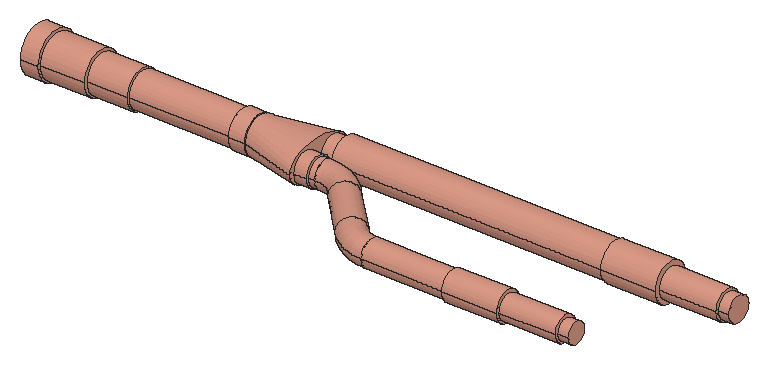
Revit family "outputfile", category 配管付属品, Revit 2024
Family settings
  丸型コネクタ寸法 = 半径を使用
  パーツ タイプ = 標準
  OmniClass 番号 = 23.65.55.00
  OmniClass タイトル = Distribution of Supplied Liquids/Gases
  作業面ベース = いいえ
  常に垂直 = はい
  ロード時にボイドで切り取り = いいえ
  共有 = いいえ
Parameters (values of type "KHRP26A72T")
  Description = ""
  製造元 = "Daikin"
  書き出し IFC クラス(タイプ) = "IfcPipeFittingType"
  定義済み IFC タイプ(タイプ) = "JUNCTION"
  Cost = 0
  Type Comments = ""
  Keynote = ""
  Type Image = (empty or 0)
  Assembly Code = ""
  mm⇔inch [instance] = yes
  l_dividePipe1 [instance] = size_lookup(table_StraightPipe, "l_dividePipe1", 10.0 mm, モデル)  # 10.0 mm
  Default Elevation = 0.0 mm
  モデル = "KHRP26A72T"
  table_StraightPipe [instance] = if(mm⇔inch, "Refnet Joint_KHRP26A-T_Gas_StraightPipe", "Refnet Joint_KHRP26A-T_Gas_StraightPipe_inch")  # "Refnet Joint_KHRP26A-T_Gas_StraightPipe"
  table_BranchPipe [instance] = if(mm⇔inch, "Refnet Joint_KHRP26A-T_Gas_BranchPipe", "Refnet Joint_KHRP26A-T_Gas_BranchPipe_inch")  # "Refnet Joint_KHRP26A-T_Gas_BranchPipe"
  table_Inlet [instance] = if(mm⇔inch, "Refnet Joint_KHRP26A-T_Gas_Inlet", "Refnet Joint_KHRP26A-T_Gas_Inlet_inch")  # "Refnet Joint_KHRP26A-T_Gas_Inlet"
  switch_StraightPipe_Reducer [instance] = if(Is_StraightPipe Reducer = 1, 1 = 1, 1 = 0)  # no
  switch_StraightPipe3 [instance] = if(number_StraightPipe = 3, 1 = 1, 1 = 0)  # yes
  switch_StraightPipe2 [instance] = if(number_StraightPipe < 2, 1 = 0, 1 = 1)  # yes
  switch_BranchPipe_Reducer [instance] = if(Is_BranchPipe Reducer = 1, 1 = 1, 1 = 0)  # no
  switch_BranchPipe3 [instance] = if(number_BranchPipe = 3, 1 = 1, 1 = 0)  # yes
  switch_BranchPipe2 [instance] = if(number_BranchPipe < 2, 1 = 0, 1 = 1)  # yes
  switch_Inlet pipe_Reducer [instance] = if(Is_Inlet Reducer = 1, 1 = 1, 1 = 0)  # no
  switch_Inlet pipe3 [instance] = if(number_InletPipe = 3, 1 = 1, 1 = 0)  # yes
  switch_Inlet pipe2 [instance] = if(number_InletPipe < 2, 1 = 0, 1 = 1)  # yes
  Uniclass2015Version = "Products v1.31"
  Uniclass2015Title = "Copper pipe fittings"
  Uniclass2015Code = "Pr_65_52_63_18"
  URL = ""
  StraightPipe_Gas_ActualDiameter [instance] = 15.9 mm
  Material_Piping = DAIKIN_Copper_Pipe
  Material_Insulation = DAIKIN_White_Insulation
  lw_Insulation [instance] = size_lookup(table_Inlet, "lw_Insulation", 59.8 mm, モデル)  # 55.5 mm
  Unit Type = "KHRP26A-T_Gas"
  Tag No. [instance] = ""
  StraightPipe_Gas_Status [instance] = size_lookup(table_StraightPipe, "Information", "The connected pipe size is not available.", モデル, StraightPipe_Gas_ActualDiameter)  # "Default connector size is used."
  Link_Nested Family [instance] = ""
  Inlet_Gas_Actual Diameter [instance] = 31.8 mm
  IfcVersion = ""
  IfcExportType = "JUNCTION"
  IfcExportAs = "IfcPipeFittingType"
  BranchPipe_Gas_Status [instance] = size_lookup(table_BranchPipe, "Information", "The connected pipe size is not available.", モデル, BranchPipe_Gas_ActualDiameter)  # "Default connector size is used."
  Inlet_Gas_Status [instance] = size_lookup(table_Inlet, "Information", "The connected pipe size is not available.", モデル, Inlet_Gas_Actual Diameter)  # "Default connector size is used."
  Series = "Refnet Joint"
  O.R_dividePipe_Inlet [instance] = (I.D_InletPipe1 + 2.0 mm) / 2  # 13.7 mm
  r_StraightPipe_Connector [instance] = StraightPipe_Gas_ActualDiameter / 2  # 7.95 mm
  r_BranchPipe_Connector [instance] = BranchPipe_Gas_ActualDiameter / 2  # 6.35 mm
  r_Inlet_Connector [instance] = Inlet_Gas_Actual Diameter / 2  # 15.9 mm
  number_StraightPipe [instance] = size_lookup(table_StraightPipe, "pipeNumber", 2, モデル, StraightPipe_Gas_ActualDiameter)  # 3
  number_BranchPipe [instance] = size_lookup(table_BranchPipe, "pipeNumber", 2, モデル, BranchPipe_Gas_ActualDiameter)  # 3
  number_InletPipe [instance] = size_lookup(table_Inlet, "pipeNumber", 3, モデル, Inlet_Gas_Actual Diameter)  # 3
  r_BranchPipeR [instance] = size_lookup(table_BranchPipe, "r_offsetPipeR", 25.0 mm, モデル, BranchPipe_Gas_ActualDiameter)  # 30.0 mm
  l_BranchPipe_Straight2 [instance] = size_lookup(table_BranchPipe, "L_offsetPipe2", 43.0 mm, モデル)  # 60.0 mm
  l_BranchPipe_Straight1 [instance] = size_lookup(table_BranchPipe, "L_offsetPipe1", 5.0 mm, モデル)  # 5.0 mm
  l_BranchPipe connector [instance] = size_lookup(table_BranchPipe, "Length", 170.0 mm, モデル, BranchPipe_Gas_ActualDiameter)  # 243.0 mm
  l_inlet connector [instance] = size_lookup(table_Inlet, "Length", 130.0 mm, モデル, Inlet_Gas_Actual Diameter)  # 162.0 mm
  l_dividePipe [instance] = size_lookup(table_Inlet, "L_devidePipe", 38.0 mm, モデル)  # 43.0 mm
  l_StraightPipeReducer [instance] = size_lookup(table_StraightPipe, "L_Reducer", 80.0 mm, モデル, StraightPipe_Gas_ActualDiameter)  # 100.0 mm
  l_StraightPipe3 [instance] = size_lookup(table_StraightPipe, "L_Pipe3", 2.0 mm, モデル)  # 8.0 mm
  l_StraightPipe2 [instance] = size_lookup(table_StraightPipe, "L_Pipe2", 8.0 mm, モデル)  # 42.0 mm
  l_StraightPipe1 [instance] = size_lookup(table_StraightPipe, "L_Pipe1", 42.0 mm, モデル)  # 40.0 mm
  l_StraightPipe0 [instance] = size_lookup(table_StraightPipe, "L_Pipe0", 152.0 mm, モデル)  # 198.0 mm
  l_StraightPipe connector [instance] = size_lookup(table_StraightPipe, "Length", 212.0 mm, モデル, StraightPipe_Gas_ActualDiameter)  # 298.0 mm
  l_BranchPipe Reducer [instance] = size_lookup(table_BranchPipe, "L_Reducer", 80.0 mm, モデル, BranchPipe_Gas_ActualDiameter)  # 100.0 mm
  l_BranchPipe3 [instance] = size_lookup(table_BranchPipe, "L_Pipe3", 2.0 mm, モデル)  # 8.0 mm
  l_BranchPipe2 [instance] = size_lookup(table_BranchPipe, "L_Pipe2", 8.0 mm, モデル)  # 42.0 mm
  l_BranchPipe1 [instance] = size_lookup(table_BranchPipe, "L_Pipe1", 42.0 mm, モデル)  # 40.0 mm
  l_BranchPipe0 [instance] = size_lookup(table_BranchPipe, "L_Pipe0", 110.0 mm, モデル)  # 143.0 mm
  l_InletReducer [instance] = size_lookup(table_Inlet, "L_Reducer", 100.0 mm, モデル, Inlet_Gas_Actual Diameter)  # 100.0 mm
  l_InletPipe3 [instance] = size_lookup(table_Inlet, "L_Pipe3", 8.0 mm, モデル)  # 13.0 mm
  l_InletPipe2 [instance] = size_lookup(table_Inlet, "L_Pipe2", 42.0 mm, モデル)  # 33.0 mm
  l_InletPipe1 [instance] = size_lookup(table_Inlet, "L_Pipe1", 40.0 mm, モデル)  # 30.0 mm
  l_InletPipe0 [instance] = size_lookup(table_Inlet, "L_Pipe0", 28.0 mm, モデル)  # 74.0 mm
  center_StraightPipe [instance] = size_lookup(table_StraightPipe, "center_Pipe", 11.5 mm, モデル)  # 12.5 mm
  center_BranchPipe2 [instance] = size_lookup(table_BranchPipe, "center_OffsetPipe", 68.5 mm, モデル)  # 67.5 mm
  center_BranchPipe1 [instance] = size_lookup(table_BranchPipe, "center_Pipe", 11.5 mm, モデル)  # 12.5 mm
  StraightPipe_Gas_AvailableDiameter [instance] = size_lookup(table_StraightPipe, "sizeVariation", "", モデル)  # "15.9/19.1/22.2/25.4/28.6mm"
  BranchPipe_Gas_AvailableDiameter [instance] = size_lookup(table_BranchPipe, "sizeVariation", "", モデル)  # "12.7/15.9/19.1/22.2/25.4/28.6mm"
  Inlet_Gas_Available Diameter [instance] = size_lookup(table_Inlet, "sizeVariation", "", モデル)  # "25.4/28.6/31.8mm"
  O.D_StraightPipe Reducer [instance] = size_lookup(table_StraightPipe, "O.D_reducer", 2.0 mm, モデル, StraightPipe_Gas_ActualDiameter)  # 2.0 mm
  O.D_Offset Outlet Reducer [instance] = size_lookup(table_BranchPipe, "O.D_reducer", 2.0 mm, モデル, BranchPipe_Gas_ActualDiameter)  # 2.0 mm
  O.D_Inlet Reducer [instance] = size_lookup(table_Inlet, "O.D_reducer", 2.0 mm, モデル, Inlet_Gas_Actual Diameter)  # 2.0 mm
  Is_StraightPipe Reducer [instance] = size_lookup(table_StraightPipe, "IsReducer", 0, モデル, StraightPipe_Gas_ActualDiameter)  # 0
  Is_BranchPipe Reducer [instance] = size_lookup(table_BranchPipe, "IsReducer", 0, モデル, BranchPipe_Gas_ActualDiameter)  # 0
  Is_Inlet Reducer [instance] = size_lookup(table_Inlet, "IsReducer", 0, モデル, Inlet_Gas_Actual Diameter)  # 0
  BranchPipe_Gas_ActualDiameter [instance] = 12.7 mm
  Attach_Insulation [instance] = no
  I.D_StraightPipe3 [instance] = size_lookup(table_StraightPipe, "I.D_PipeSize3", 2.0 mm, モデル)  # 15.9 mm
  I.D_StraightPipe2 [instance] = size_lookup(table_StraightPipe, "I.D_PipeSize2", 12.7 mm, モデル)  # 19.1 mm
  I.D_StraightPipe1 [instance] = size_lookup(table_StraightPipe, "I.D_PipeSize1", 15.9 mm, モデル)  # 25.4 mm
  I.D_StraightPipe0 [instance] = size_lookup(table_StraightPipe, "I.D_PipeSize0", 13.9 mm, モデル)  # 23.4 mm
  I.D_BranchPipe3 [instance] = size_lookup(table_BranchPipe, "I.D_PipeSize3", 2.0 mm, モデル)  # 12.7 mm
  I.D_BranchPipe2 [instance] = size_lookup(table_BranchPipe, "I.D_PipeSize2", 12.7 mm, モデル)  # 15.9 mm
  I.D_BranchPipe1 [instance] = size_lookup(table_BranchPipe, "I.D_PipeSize1", 15.9 mm, モデル)  # 19.1 mm
  I.D_BranchPipe0 [instance] = size_lookup(table_BranchPipe, "I.D_PipeSize0", 13.9 mm, モデル)  # 17.1 mm
  I.D_Straight Reducer [instance] = size_lookup(table_StraightPipe, "I.D_reducer", 2.0 mm, モデル, StraightPipe_Gas_ActualDiameter)  # 2.0 mm
  I.D_OutletPipe [instance] = size_lookup(table_Inlet, "I.D_OutletPipeSize", 16.0 mm, モデル, Inlet_Gas_Actual Diameter)  # 19.2 mm
  I.D_Branch Reducer [instance] = size_lookup(table_BranchPipe, "I.D_reducer", 2.0 mm, モデル, BranchPipe_Gas_ActualDiameter)  # 2.0 mm
  I.D_Inlet Reducer [instance] = size_lookup(table_Inlet, "I.D_reducer", 2.0 mm, モデル, Inlet_Gas_Actual Diameter)  # 2.0 mm
  I.D_InletPipe3 [instance] = size_lookup(table_Inlet, "I.D_PipeSize3", 12.7 mm, モデル)  # 31.8 mm
  I.D_InletPipe2 [instance] = size_lookup(table_Inlet, "I.D_PipeSize2", 15.9 mm, モデル)  # 28.6 mm
  I.D_InletPipe1 [instance] = size_lookup(table_Inlet, "I.D_PipeSize1", 19.1 mm, モデル)  # 25.4 mm
  I.D_InletPipe0 [instance] = size_lookup(table_Inlet, "I.D_PipeSize0", 17.1 mm, モデル)  # 23.4 mm
Reference planes
  plane 1 "Center (Front/Back)": y = 0
  plane 2: z = 0
  plane 3 "base_left": x = 0
  plane 4: x = 13
  plane 5: x = 46
  plane 6: x = 76
  plane 7: x = 150
  plane 8: x = 162
  plane 9: x = 205
  plane 10: x = 215
  plane 11 "center_straight outlet": y = 12.5
  plane 12 "center2_offset outlet": y = -67.5
  plane 13 "center1_offset outlet": y = -12.5
  plane 14: x = 413
  plane 15: x = 453
  plane 16: x = 495
  plane 17: x = 358
  plane 18: x = 398
  plane 19: x = 440
  plane 20: x = 503
  plane 21: x = 448
  plane 22 "Reducer_straightoutlet": x = 448
  plane 23: x = 503
  plane 24: y = -26.2
  plane 25: z = 13.7
  plane 26 "Inlet_connector": x = 0
  plane 27 "Left_Insulation": x = 106.5
Forms (mm)
  SweptBlend 1, solid, material "DAIKIN_Copper_Pipe" <- "Material_Piping"
    path origin (0, 0, 0) x (1, 0, 0) y (0, 1, 0)
      loop
        line (162, 0) -> (205, 0)
    profile origin (162, 0, 0) x (0, 1, 0) y (0, 0, 1)
      loop
        circle (0, 0) r 13.7
    end profile origin (205, 0, 0) x (0, 1, 0) y (0, 0, 1)
      loop
        spline (-26.2, 0) -> (-25.307, -3.546) -> (-22.69, -6.85) -> (-18.526, -9.687) -> (-13.1, -11.865) -> (-6.781, -13.233) -> (0, -13.7) -> (6.781, -13.233) -> (13.1, -11.865) -> (18.526, -9.687) -> (22.69, -6.85) -> (25.307, -3.546) -> (26.2, 0)
        spline (26.2, 0) -> (25.307, 3.546) -> (22.69, 6.85) -> (18.526, 9.687) -> (13.1, 11.865) -> (6.781, 13.233) -> (0, 13.7) -> (-6.781, 13.233) -> (-13.1, 11.865) -> (-18.526, 9.687) -> (-22.69, 6.85) -> (-25.307, 3.546) -> (-26.2, 0)
Dimensions and locks
  "l_InletPipe3": plane 3 "base_left" to plane 4
  "l_InletPipe2": plane 4 to plane 5
  "l_InletPipe1": plane 5 to plane 6
  "l_InletPipe0": plane 6 to plane 7
  locked: plane 7 to plane 8 at 12
  "center_StraightPipe": plane 1 "Center (Front/Back)" to plane 11 "center_straight outlet"
  "center_BranchPipe2": plane 12 "center2_offset outlet" to plane 1 "Center (Front/Back)"
  "center_BranchPipe1": plane 13 "center1_offset outlet" to plane 1 "Center (Front/Back)"
  "l_dividePipe": plane 8 to plane 9
  "l_dividePipe1": plane 9 to plane 10
  "l_StraightPipe0": plane 10 to plane 14
  "l_BranchPipe0": plane 10 to plane 17
  "l_BranchPipe1": plane 17 to plane 18
  "l_BranchPipe2": plane 18 to plane 19
  "l_StraightPipe1": plane 14 to plane 15
  "l_StraightPipe2": plane 15 to plane 16
  "l_StraightPipe3": plane 16 to plane 20
  "l_BranchPipe3": plane 19 to plane 21
  "l_BranchPipe connector": plane 9 to plane 22 "Reducer_straightoutlet"
  "l_StraightPipe connector": plane 9 to plane 23
  "O.R_dividePipe_Inlet": plane 24 to plane 13 "center1_offset outlet"
  "O.R_dividePipe_Inlet": plane 25 to plane 2
  "l_inlet connector": plane 26 "Inlet_connector" to plane 8
  "lw_Insulation": plane 27 "Left_Insulation" to plane 8
  "O.R_dividePipe_Inlet": radius of SweptBlend 1 sketch curve
  aligned and locked: level to plane 2
  aligned and locked: plane 2 to nested 1
  aligned and locked: plane 3 "base_left" to nested 1
  aligned and locked: plane 1 "Center (Front/Back)" to nested 1
  aligned and locked: plane 4 to nested 2
  aligned and locked: plane 1 "Center (Front/Back)" to nested 2
  aligned and locked: plane 5 to nested 2
  aligned and locked: plane 5 to nested 3
  aligned and locked: plane 6 to nested 3
  aligned and locked: plane 6 to nested 4
  aligned and locked: nested 4 to plane 7
  aligned and locked: nested 5 to plane 7
  aligned and locked: nested 5 to plane 8
  aligned and locked: plane 8 to SweptBlend 1 sketch curve
  aligned and locked: plane 9 to SweptBlend 1 sketch curve
  aligned and locked: plane 2 to SweptBlend 1 sketch curve  (x2)
  aligned and locked: plane 1 "Center (Front/Back)" to SweptBlend 1 sketch curve  (x2)
  aligned and locked: nested 6 to plane 9
  aligned and locked: nested 7 to plane 9
  aligned and locked: nested 6 to plane 11 "center_straight outlet"
  aligned and locked: nested 7 to plane 13 "center1_offset outlet"
  aligned and locked: nested 7 to plane 10
  aligned and locked: nested 6 to plane 10
  aligned and locked: nested 8 to plane 10
  aligned and locked: plane 14 to nested 8
  aligned and locked: nested 8 to plane 11 "center_straight outlet"
  aligned and locked: plane 14 to nested 9
  aligned and locked: nested 9 to plane 11 "center_straight outlet"
  aligned and locked: plane 15 to nested 9
  aligned and locked: nested 10 to plane 11 "center_straight outlet"
  aligned and locked: plane 15 to nested 10
  aligned and locked: plane 16 to nested 10
  aligned and locked: nested 11 to plane 12 "center2_offset outlet"
  aligned and locked: plane 17 to nested 11
  aligned and locked: plane 18 to nested 11
  aligned and locked: nested 12 to plane 12 "center2_offset outlet"
  aligned and locked: plane 18 to nested 12
  aligned and locked: plane 19 to nested 12
  aligned and locked: nested 13 to plane 10
  aligned and locked: nested 13 to plane 13 "center1_offset outlet"
  aligned and locked: nested 13 to plane 12 "center2_offset outlet"
  aligned and locked: plane 8 to nested 14
  aligned and locked: plane 1 "Center (Front/Back)" to nested 14
  aligned and locked: plane 11 "center_straight outlet" to nested 15
  aligned and locked: nested 15 to plane 9
  aligned and locked: nested 16 to plane 9
  aligned and locked: plane 12 "center2_offset outlet" to nested 16
  aligned and locked: nested 17 to plane 1 "Center (Front/Back)"
  aligned and locked: plane 16 to nested 18
  aligned and locked: plane 20 to nested 18
  aligned and locked: plane 19 to nested 19
  aligned and locked: plane 21 to nested 19
  aligned and locked: nested 20 to plane 12 "center2_offset outlet"
  aligned and locked: plane 23 to nested 21
  aligned and locked: nested 21 to plane 11 "center_straight outlet"
  aligned and locked: plane 4 to nested 1
  aligned and locked: plane 24 to SweptBlend 1 sketch curve
  aligned and locked: plane 25 to SweptBlend 1 sketch curve
  aligned and locked: nested 19 to plane 12 "center2_offset outlet"
  aligned and locked: nested 18 to plane 11 "center_straight outlet"
  aligned and locked: nested 17 to plane 26 "Inlet_connector"
  aligned and locked: plane 22 "Reducer_straightoutlet" to nested 20
  aligned and locked: plane 27 "Left_Insulation" to nested 22
  aligned and locked: plane 1 "Center (Front/Back)" to nested 22
Automatic sketch dimensions
  plane 1 "Center (Front/Back)" to SweptBlend 1 sketch curve = 0.0 mm
Nested families
  nested 1: "daikin_Pipe" at (6.5, 0, 0), I.D_Pipe <- "I.D_InletPipe3", display <- "switch_Inlet pipe3", type "*"
    with length_Pipe 13.0 mm, display yes, O.D_Pipe 33.8 mm, I.D_Pipe 31.8 mm
  nested 2: "daikin_Pipe" at (29.5, 0, 0), I.D_Pipe <- "I.D_InletPipe2", display <- "switch_Inlet pipe2", type "*"
    with length_Pipe 33.0 mm, display yes, O.D_Pipe 30.6 mm, I.D_Pipe 28.6 mm
  nested 3: "daikin_Pipe" at (61, 0, 0), I.D_Pipe <- "I.D_InletPipe1", type "*"
    with length_Pipe 30.0 mm, display yes, O.D_Pipe 27.4 mm, I.D_Pipe 25.4 mm
  nested 4: "daikin_Pipe" at (113, 0, 0), I.D_Pipe <- "I.D_InletPipe0", type "*"
    with length_Pipe 74.0 mm, display yes, O.D_Pipe 25.4 mm, I.D_Pipe 23.4 mm
  nested 5: "daikin_Pipe" at (156, 0, 0), I.D_Pipe <- "I.D_InletPipe1", type "*"
    with length_Pipe 12.0 mm, display yes, O.D_Pipe 27.4 mm, I.D_Pipe 25.4 mm
  nested 6: "daikin_Pipe" at (210, 12.5, 0), I.D_Pipe <- "I.D_OutletPipe", type "*"
    with length_Pipe 10.0 mm, display yes, O.D_Pipe 21.2 mm, I.D_Pipe 19.2 mm
  nested 7: "daikin_Pipe" at (210, -12.5, 0), I.D_Pipe <- "I.D_OutletPipe", type "*"
    with length_Pipe 10.0 mm, display yes, O.D_Pipe 21.2 mm, I.D_Pipe 19.2 mm
  nested 8: "daikin_Pipe" at (314, 12.5, 0), I.D_Pipe <- "I.D_StraightPipe0", type "*"
    with length_Pipe 198.0 mm, display yes, O.D_Pipe 25.4 mm, I.D_Pipe 23.4 mm
  nested 9: "daikin_Pipe" at (433, 12.5, 0), I.D_Pipe <- "I.D_StraightPipe1", type "*"
    with length_Pipe 40.0 mm, display yes, O.D_Pipe 27.4 mm, I.D_Pipe 25.4 mm
  nested 10: "daikin_Pipe" at (474, 12.5, 0), I.D_Pipe <- "I.D_StraightPipe2", display <- "switch_StraightPipe2", type "*"
    with length_Pipe 42.0 mm, display yes, O.D_Pipe 21.1 mm, I.D_Pipe 19.1 mm
  nested 11: "daikin_Pipe" at (378, -67.5, 0), I.D_Pipe <- "I.D_BranchPipe1", type "*"
    with length_Pipe 40.0 mm, display yes, O.D_Pipe 21.1 mm, I.D_Pipe 19.1 mm
  nested 12: "daikin_Pipe" at (419, -67.5, 0), I.D_Pipe <- "I.D_BranchPipe2", display <- "switch_BranchPipe2", type "*"
    with length_Pipe 42.0 mm, display yes, O.D_Pipe 17.9 mm, I.D_Pipe 15.9 mm
  nested 13: "daikin_Pipe Ofsset" at (215, -12.5, 0), I.D_Pipe size <- "I.D_BranchPipe0", length_straight pipe1 <- "l_BranchPipe_Straight1", length_straight pipe2 <- "l_BranchPipe_Straight2", r_Pipe R <- "r_BranchPipeR", length_Pipe <- "l_BranchPipe0", type "*"
    with r_Pipe R 30.0 mm, length_straight pipe2 60.0 mm, length_straight pipe1 5.0 mm, length_offset center 55.0 mm, length_Pipe 143.0 mm, O.D_Pipe size 19.1 mm, I.D_Pipe size 17.1 mm
  nested 14: "daikin_connector_rotate2" at (162, 0, 0) x (0, -1, 0) z (0, 0, 1), length <- "l_inlet connector", type "daikin_connector_rotate2"
    with radius 5.0 mm, length 162.0 mm, angle_vertical 90.00°, locaton_mark no
  nested 15: "daikin_connector_rotate2" at (205, 12.5, 0) x (0, 1, 0) z (0, 0, 1), length <- "l_StraightPipe connector", type "daikin_connector_rotate2"
    with radius 5.0 mm, length 298.0 mm, angle_vertical 90.00°, locaton_mark no
  nested 16: "daikin_connector_rotate2" at (205, -67.5, 0) x (0, 1, 0) z (0, 0, 1), length <- "l_BranchPipe connector", type "daikin_connector_rotate2"
    with radius 5.0 mm, length 243.0 mm, angle_vertical 90.00°, locaton_mark no
  nested 17: "daikin_Pipe_reducer" at (50, 0, 0) x (-1, 0, 0) z (0, 0, 1), display <- "switch_Inlet pipe_Reducer", length_Pipe <- "l_InletReducer", I.D_Pipe1 <- "I.D_Inlet Reducer", O.D_Pipe2 <- "O.D_Inlet Reducer", type "*"
    with length_Pipe 100.0 mm, display no, O.D_Pipe2 2.0 mm, O.D_Pipe1 4.0 mm, I.D_Pipe2 0.0 mm, I.D_Pipe1 2.0 mm
  nested 18: "daikin_Pipe" at (499, 12.5, 0), I.D_Pipe <- "I.D_StraightPipe3", display <- "switch_StraightPipe3", type "*"
    with length_Pipe 8.0 mm, display yes, O.D_Pipe 17.9 mm, I.D_Pipe 15.9 mm
  nested 19: "daikin_Pipe" at (444, -67.5, 0), I.D_Pipe <- "I.D_BranchPipe3", display <- "switch_BranchPipe3", type "*"
    with length_Pipe 8.0 mm, display yes, O.D_Pipe 14.7 mm, I.D_Pipe 12.7 mm
  nested 20: "daikin_Pipe_reducer" at (398, -67.5, 0), I.D_Pipe1 <- "I.D_Branch Reducer", O.D_Pipe2 <- "O.D_Offset Outlet Reducer", length_Pipe <- "l_BranchPipe Reducer", display <- "switch_BranchPipe_Reducer", type "*"
    with length_Pipe 100.0 mm, display no, O.D_Pipe2 2.0 mm, O.D_Pipe1 4.0 mm, I.D_Pipe2 0.0 mm, I.D_Pipe1 2.0 mm
  nested 21: "daikin_Pipe_reducer" at (453, 12.5, 0), I.D_Pipe1 <- "I.D_Straight Reducer", O.D_Pipe2 <- "O.D_StraightPipe Reducer", length_Pipe <- "l_StraightPipeReducer", display <- "switch_StraightPipe_Reducer", type "*"
    with length_Pipe 100.0 mm, display no, O.D_Pipe2 2.0 mm, O.D_Pipe1 4.0 mm, I.D_Pipe2 0.0 mm, I.D_Pipe1 2.0 mm
  nested 22: "daikin_Insulation_RefnetJoint" at (106.5, 0, 0), I.D_Outlet PipeSize <- "I.D_OutletPipe", type "*"
    with h 51.2 mm, I.D_Outlet PipeSize 19.2 mm, r_Insulation 11.0 mm, h_Insulation 200.0 mm, d_Insulation3_3 73.0 mm, d_Insulation2_2 43.5 mm, d_Insulation1_1 30.0 mm, w_Insulation4 60.3 mm, w_Insulation3 41.3 mm, w_Insulation2 72.0 mm, w_Insulation1 20.0 mm, display no, d_Insulation3 65.0 mm, d_Insulation2 43.5 mm, d_Insulation1 30.0 mm
Connectors
  piping at (0, 0, 0), diameter 31.8, driven by "r_Inlet_Connector"
    settings: on nested 14, index 1, connector inside diameter 609.6 mm, connector length 0.0 mm, flow factor 0, pipe flow 0.00 m³/h, pressure drop 0.0 Pa, fitting loss kfactor 0, connector angle 0.00°, fixture units 0, engagement length 0.0 mm, angle of deflection 0.00°, flow configuration 0, flow direction 2, fitting loss method 0, system type 29, joint type 0, gender type 0, connector reference index -1, connector utility 0, adjustable connector no, is connector primary yes, connector description "Refnet Joint_Inlet_Gas"
  piping at (448, -67.5, 0), diameter 12.7, driven by "r_BranchPipe_Connector"
    settings: on nested 16, index 2, connector inside diameter 609.6 mm, connector length 0.0 mm, flow factor 0, pipe flow 0.00 m³/h, pressure drop 0.0 Pa, fitting loss kfactor 0, connector angle 0.00°, fixture units 0, engagement length 0.0 mm, angle of deflection 0.00°, flow configuration 0, flow direction 1, fitting loss method 0, system type 29, joint type 0, gender type 0, connector reference index -1, connector utility 0, adjustable connector no, is connector primary no, connector description "Refnet Joint_Outlet Branch_Gas"
  piping at (503, 12.5, 0), diameter 15.9, driven by "r_StraightPipe_Connector"
    settings: on nested 15, index 3, connector inside diameter 609.6 mm, connector length 0.0 mm, flow factor 0, pipe flow 0.00 m³/h, pressure drop 0.0 Pa, fitting loss kfactor 0, connector angle 0.00°, fixture units 0, engagement length 0.0 mm, angle of deflection 0.00°, flow configuration 0, flow direction 1, fitting loss method 0, system type 29, joint type 0, gender type 0, connector reference index -1, connector utility 0, adjustable connector no, is connector primary no, connector description "Refnet Joint_Outlet Straight_Gas"
Definition of nested family "daikin_Pipe"
  Parameters (values of type "*")
    Default Elevation = 0.0 mm
    material = none
    length_Pipe [instance] = 150.0 mm
    display [instance] = yes
    O.D_Pipe [instance] = I.D_Pipe + 2.0 mm  # 27.0 mm
    I.D_Pipe [instance] = 25.0 mm
  Reference planes
    plane 1 "Center (Front/Back)": y = 0
    plane 2 "center(vertical)": z = 0
    plane 3 "Center (Left/Right)": x = 0
    plane 4 "left": x = -75
    plane 5 "right": x = 75
  Forms (mm)
    Extrusion 1, solid, material <- "material", visible <- "display"
      sketch origin (0, 0, 0) x (0, 1, 0) y (0, 0, 1)
        loop
          circle (0, 0) r 13.5
      from -75 to 75
  Dimensions and locks
    equal spacing: plane 4 "left", plane 3 "Center (Left/Right)", plane 5 "right"
    "length_Pipe": plane 4 "left" to plane 5 "right"
    "O.D_Pipe": diameter of Extrusion 1 sketch curve
    aligned and locked: level to plane 2 "center(vertical)"
    aligned and locked: plane 2 "center(vertical)" to Extrusion 1 sketch curve
    aligned and locked: plane 1 "Center (Front/Back)" to Extrusion 1 sketch curve
    aligned and locked: plane 5 "right" to Extrusion 1
    aligned and locked: Extrusion 1 to plane 4 "left"
Definition of nested family "daikin_Pipe Ofsset"
  Parameters (values of type "*")
    Default Elevation = 0.0 mm
    r_Pipe R [instance] = 40.0 mm
    material = none
    length_straight pipe2 [instance] = 43.0 mm
    length_straight pipe1 [instance] = 5.0 mm
    length_offset center [instance] = 57.0 mm
    length_Pipe [instance] = 110.0 mm
    O.D_Pipe size [instance] = I.D_Pipe size + 2.0 mm  # 12.0 mm
    I.D_Pipe size [instance] = 10.0 mm
  Reference planes
    plane 1 "Center (Front/Back)": y = 0
    plane 2: z = 0
    plane 3 "Center (Left/Right)": x = 0
    plane 4: y = -57
    plane 5: x = 110
    plane 6: x = 67
    plane 7: x = 5
  Forms (mm)
    Sweep 1, solid, material <- "material"
      path origin (0, 0, 0) x (1, 0, 0) y (0, 1, 0)
        loop
          line (0, 0) -> (5, 0)
          arc (5, 0) -> (20.74, -3.227) -> (33.94, -12.387) r 40
          line (33.94, -12.387) -> (38.06, -44.613)
          arc (38.06, -44.613) -> (51.26, -53.773) -> (67, -57) r 40
          line (67, -57) -> (110, -57)
      profile origin (2.5, 0, 0) x (0, 1, 0) y (0, 0, 1)
        loop
          circle (0, 0) r 6
  Dimensions and locks
    "length_offset center": plane 4 to plane 1 "Center (Front/Back)"
    "length_straight pipe1": plane 3 "Center (Left/Right)" to plane 7
    "length_Pipe": plane 3 "Center (Left/Right)" to plane 5
    "length_straight pipe2": plane 6 to plane 5
    "O.D_Pipe size": diameter of Sweep 1 sketch curve
    "r_Pipe R": radius of Sweep 1 sketch curve  (x2)
    aligned and locked: level to plane 2
    aligned and locked: plane 1 "Center (Front/Back)" to Sweep 1 sketch curve
    aligned and locked: profile plane to Sweep 1 sketch curve
    aligned and locked: plane 5 to Sweep 1 sketch curve
    aligned and locked: plane 7 to Sweep 1 sketch curve
    aligned and locked: plane 6 to Sweep 1 sketch curve
  Automatic sketch dimensions
    plane 1 "Center (Front/Back)" to Sweep 1 sketch curve = 0.0 mm
    Sweep 1 sketch curve to plane 3 "Center (Left/Right)" = 0.0 mm
    plane 4 to Sweep 1 sketch curve = 0.0 mm
    plane 1 "Center (Front/Back)" to Sweep 1 sketch curve = 12.387 mm
    Sweep 1 sketch curve to plane 4 = 12.387 mm
Definition of nested family "daikin_connector_rotate2"
  Parameters (values of type "daikin_connector_rotate2")
    show_face = no
    radius [instance] = 10.0 mm
    locaton_mark = yes
    length [instance] = 600.0 mm
    d_surface = 10.0 mm
    angle_vertical [instance] = 90.00°
    Default Elevation = 0.0 mm
  Reference planes
    plane 1 "Center (Front/Back)": y = 0
    plane 2: z = 0
    plane 3 "Center (Left/Right)": x = 0
  Forms (mm)
    Extrusion 1, solid, visible <- "show_face"
      sketch origin (0, -600, 0) x (1, 0, 0) y (0, 0, 1)
        loop
          circle (0, 0) r 10
      from 0 to -10
  Lines and regions (mm)
    reference lines
      curve 1: line (0, 0, 0) -> (0, -600, 0)
    symbolic lines, visible <- "locaton_mark"
      curve 2: circle (0, 0, 0) r 5 normal (0, 0, 1)
    model lines, visible <- "show_face"
      curve 3: line (0, 0, 0) -> (0, -600, 0)
  Dimensions and locks
    "length": curve 1 to curve 1
    "length": curve 3 to curve 3
    "d_surface": Extrusion 1 to Extrusion 1
    "radius": radius of Extrusion 1 sketch curve
    "angle_vertical": angle curve 1 to plane 1 "Center (Front/Back)"
    "angle_vertical": angle curve 3 to plane 1 "Center (Front/Back)"
    aligned and locked: level to plane 2
    aligned and locked: plane 1 "Center (Front/Back)" to curve 1
    aligned and locked: plane 2 to curve 1
    aligned and locked: plane 1 "Center (Front/Back)" to curve 2
    aligned and locked: plane 3 "Center (Left/Right)" to curve 2
    aligned and locked: plane 1 "Center (Front/Back)" to curve 3
    aligned and locked: plane 2 to curve 3
    aligned and locked: Extrusion 1 to Extrusion 1
  Automatic sketch dimensions
    Extrusion 1 sketch curve to level = 0.0 mm
    Extrusion 1 sketch curve to plane 3 "Center (Left/Right)" = 0.0 mm
    radius of curve 2 = 5.0 mm
Definition of nested family "daikin_Pipe_reducer"
  Parameters (values of type "*")
    Default Elevation = 0.0 mm
    material = none
    length_Pipe [instance] = 250.0 mm
    display [instance] = yes
    O.D_Pipe2 [instance] = 19.1 mm
    O.D_Pipe1 [instance] = I.D_Pipe1 + 2.0 mm  # 24.2 mm
    I.D_Pipe2 [instance] = O.D_Pipe2 - 2.0 mm  # 17.1 mm
    I.D_Pipe1 [instance] = 22.2 mm
  Reference planes
    plane 1 "Center (Front/Back)": y = 0
    plane 2 "center(vertical)": z = 0
    plane 3 "Center (Left/Right)": x = 0
    plane 4 "connection": x = -125
    plane 5 "right": x = 113
    plane 6: x = 125
  Forms (mm)
    Extrusion 1, solid, material <- "material", visible <- "display"
      sketch origin (0, 0, 0) x (0, 1, 0) y (0, 0, 1)
        loop
          circle (0, 0) r 9.55
      from -125 to 113
    Extrusion 2, solid, material <- "material", visible <- "display"
      sketch origin (0, 0, 0) x (0, 1, 0) y (0, 0, 1)
        loop
          circle (0, 0) r 12.1
      from 113 to 125
  Dimensions and locks
    locked: plane 5 "right" to plane 6 at 12
    "length_Pipe": plane 4 "connection" to plane 6
    equal spacing: plane 4 "connection", plane 3 "Center (Left/Right)", plane 6
    "O.D_Pipe2": diameter of Extrusion 1 sketch curve
    "O.D_Pipe1": diameter of Extrusion 2 sketch curve
    aligned and locked: level to plane 2 "center(vertical)"
    aligned and locked: plane 2 "center(vertical)" to Extrusion 1 sketch curve
    aligned and locked: plane 1 "Center (Front/Back)" to Extrusion 1 sketch curve
    aligned and locked: plane 5 "right" to Extrusion 1
    aligned and locked: Extrusion 1 to plane 4 "connection"
    aligned and locked: plane 2 "center(vertical)" to Extrusion 2 sketch curve
    aligned and locked: plane 1 "Center (Front/Back)" to Extrusion 2 sketch curve
    aligned and locked: Extrusion 2 to plane 5 "right"
    aligned and locked: plane 6 to Extrusion 2
Definition of nested family "daikin_Insulation_RefnetJoint"
  Parameters (values of type "*")
    r_Insulation = size_lookup(table_Insulation, "r_Insulation", 13.5 mm, Model)  # 13.5 mm
    h_Insulation = size_lookup(table_Insulation, "h_Insulation", 202.5 mm, Model)  # 202.5 mm
    d_Insulation3_3 = size_lookup(table_Insulation, "d_Insulation3_3", 68.0 mm, Model)  # 68.0 mm
    d_Insulation2_2 = size_lookup(table_Insulation, "d_Insulation2_2", 38.0 mm, Model)  # 38.0 mm
    d_Insulation1_1 = size_lookup(table_Insulation, "d_Insulation1_1", 26.5 mm, Model)  # 26.5 mm
    Default Elevation = 0.0 mm
    Model = "KHRP26A22T"
    w_Insulation5 = size_lookup(table_Insulation, "w_Insulation5", 212.0 mm, Model)  # 212.0 mm
    w_Insulation4 = size_lookup(table_Insulation, "w_Insulation4", 67.0 mm, Model)  # 67.0 mm
    w_Insulation3 = size_lookup(table_Insulation, "w_Insulation3", 34.7 mm, Model)  # 34.7 mm
    w_Insulation2 = size_lookup(table_Insulation, "w_Insulation2", 80.0 mm, Model)  # 80.0 mm
    w_Insulation1 = size_lookup(table_Insulation, "w_Insulation1", 22.0 mm, Model)  # 22.0 mm
    table_Insulation = "Refnet Joint_KHRP26A-T_Gas_Insulation"  # constant formula
    material = none
    h [instance] = (I.D_Outlet PipeSize + 2.0 mm) + 30.0 mm  # 47.0 mm
    display = yes
    d_Insulation3 = size_lookup(table_Insulation, "d_Insulation3", 63.5 mm, Model)  # 63.5 mm
    d_Insulation2 = size_lookup(table_Insulation, "d_Insulation2", 41.0 mm, Model)  # 41.0 mm
    d_Insulation1 = size_lookup(table_Insulation, "d_Insulation1", 29.5 mm, Model)  # 29.5 mm
    I.D_Outlet PipeSize [instance] = 15.0 mm
  Reference planes
    plane 1 "Center (Front/Back)": y = 0
    plane 2: z = 0
    plane 3 "Left": x = 0
    plane 4 "top": z = 23.5
    plane 5 "bottom": z = -23.5
    plane 6: x = 22
    plane 7: x = 80
    plane 8: y = 26.5
    plane 9: y = -29.5
    plane 10: y = 38
    plane 11: y = -41
    plane 12: y = -93.5
    plane 13: x = 212
    plane 14: y = -30
    plane 15: x = 114.7
    plane 16: x = 145
    plane 17: x = 202.5
  Forms (mm)
    Extrusion 1, solid, material <- "material", visible <- "display"
      sketch origin (0, 0, 0) x (1, 0, 0) y (0, 1, 0)
        loop
          line (22, 26.5) -> (0, 26.5) -> (0, -29.5) -> (22, -29.5) -> (80, -41) -> (114.7, -41) -> (145, -93.5) -> (212, -93.5) -> (212, -43.5) -> (202.5, -43.5)
          arc (202.5, -43.5) -> (189, -30) -> (202.5, -16.5) r 13.5
          line (202.5, -16.5) -> (212, -16.5) -> (212, 38) -> (80, 38) -> (22, 26.5)
      from -23.5 to 23.5
  Dimensions and locks
    equal spacing: plane 4 "top", plane 2, plane 5 "bottom"
    "h": plane 4 "top" to plane 5 "bottom"
    "w_Insulation1": plane 3 "Left" to plane 6
    "w_Insulation2": plane 3 "Left" to plane 7
    "w_Insulation5": plane 3 "Left" to plane 13
    "w_Insulation3": plane 7 to plane 15
    "w_Insulation4": plane 16 to plane 13
    "d_Insulation1": plane 1 "Center (Front/Back)" to plane 9
    "d_Insulation1_1": plane 8 to plane 1 "Center (Front/Back)"
    "d_Insulation2": plane 1 "Center (Front/Back)" to plane 11
    "d_Insulation2_2": plane 10 to plane 1 "Center (Front/Back)"
    "d_Insulation3_3": plane 10 to plane 14
    "d_Insulation3": plane 14 to plane 12
    "r_Insulation": Extrusion 1 sketch curve to plane 14
    "r_Insulation": plane 14 to Extrusion 1 sketch curve
    "h_Insulation": plane 3 "Left" to plane 17
    "r_Insulation": radius of Extrusion 1 sketch curve
    aligned and locked: level to plane 2
    aligned and locked: Extrusion 1 to plane 5 "bottom"
    aligned and locked: plane 4 "top" to Extrusion 1
    aligned and locked: plane 6 to Extrusion 1  (x2)
    aligned and locked: plane 7 to Extrusion 1  (x2)
    aligned and locked: plane 6 to Extrusion 1 sketch curve
    aligned and locked: plane 11 to Extrusion 1 sketch curve
    aligned and locked: plane 7 to Extrusion 1 sketch curve  (x2)
    aligned and locked: plane 10 to Extrusion 1 sketch curve
    aligned and locked: Extrusion 1 sketch curve to plane 12
    aligned and locked: Extrusion 1 sketch curve to plane 13  (x2)
    aligned and locked: plane 16 to Extrusion 1 sketch curve
    aligned and locked: plane 15 to Extrusion 1 sketch curve
    aligned and locked: plane 17 to Extrusion 1 sketch curve
  Automatic sketch dimensions
    Extrusion 1 sketch curve to plane 3 "Left" = 0.0 mm
    Extrusion 1 sketch curve to plane 6 = 0.0 mm
    Extrusion 1 sketch curve to plane 9 = 0.0 mm
    Extrusion 1 sketch curve to plane 8 = 0.0 mm
